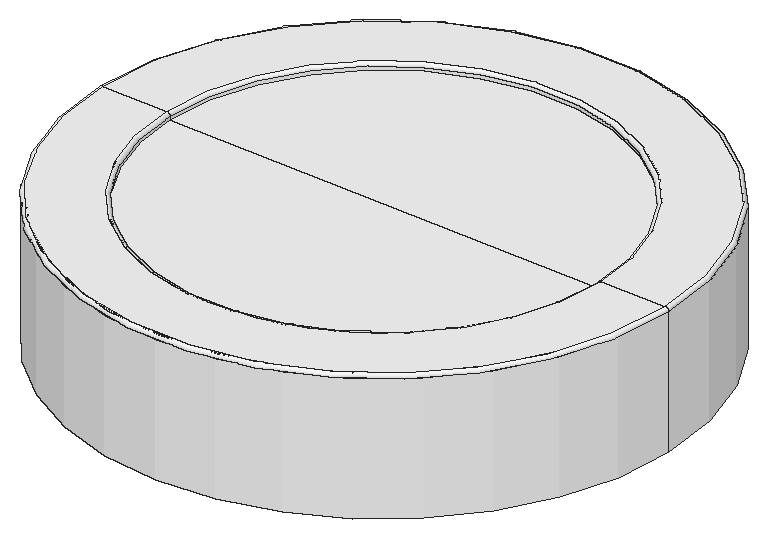
Revit family "0053903", category Lighting Fixtures, host Face, Revit 2016
Family settings
  Host = Face
  Part Type = Normal
  Round Connector Dimension = Use Diameter
  OmniClass Number = 23.80.70.00
  OmniClass Title = Lighting
  Cut with Voids When Loaded = No
  Light Source = Yes
  Shared = No
  Room Calculation Point = No
Parameters (values of type "0053903 ST eco Downlight Flat 172 1150lm 840 DIM S")
  Width_FEILO = 172 mm
  WidthDiffuser_FEILO = if(Square_FEILO, 168 mm, Width_FEILO / 1.3294)  # 129.381 mm
  Weight = "10.24 kg"
  Wattage Comments = ""
  Wattage = 13 W
  WarrantyStartDate [instance] = "n/a"
  WarrantyGuarantorParts = "n/a"
  WarrantyDurationUnit = "n/a"
  WarrantyDurationParts = "n/a"
  WarrantyDescription = "n/a"
  built-in parameter 1150110 = 1 (stored number, unit not read)
  Voltage = 230 V
  URL = "http://www.sylvania-lighting.com"
  TypeName = "ST eco Downlight Flat 172 1150lm 840 DIM S"
  Type Image = <None>
  Type Comments = "n/a"
  built-in parameter 1114217 = 1 (stored number, unit not read)
  Tilt Angle = -90.00°
  built-in parameter 1150109 = 1 (stored number, unit not read)
  built-in parameter 1150134 = 12
  built-in parameter 1150113 = 1 (stored number, unit not read)
  Square_FEILO = no
  SerialNumber [instance] = "n/a"
  Round_FEILO = not(Square_FEILO)  # yes
  RadiusSquare_FEILO = 10 mm
  RadiusDiffuser_FEILO = 7 mm
  Photometric Web File = "0053903.ies"
  Material_3_FEILO = none
  PowerFactor = 0.9
  PowerConsumption = "13 W"
  NominalLength = 172 mm
  NominalHeight = 39 mm
  NominalDepth = 172 mm
  Name = "ST eco Downlight Flat 172 1150lm 840 DIM S"
  ModelReference = Name  # "ST eco Downlight Flat 172 1150lm 840 DIM S"
  ModelNumber = "0053903"
  Model = Name  # "ST eco Downlight Flat 172 1150lm 840 DIM S"
  Material = "aluminium housing, polystyrene diffuser"
  ManufacturerName = "Feilo Sylvania"
  Manufacturer = "Feilo Sylvania"
  LuminousEfficacy = "88.46 lm/W"
  built-in parameter 1150105 = 91.514 (stored number, unit not read)
  Lumens = 1150 lm
  LuminaireType = ""
  built-in parameter 1150115 = 1 (stored number, unit not read)
  LightOutputRatio = "n/a"
  built-in parameter 1150137 = (empty or 0)
  built-in parameter 1150139 = (empty or 0)
  LampsType = Lamp  # "LED"
  LampNominalLuminous = "1150 lm"
  LampMacAdamStep = "n/a"
  LampColourTemperature = "4000 K"
  LampColourRenderingIndex = "80"
  built-in parameter 1150112 = 1 (stored number, unit not read)
  built-in parameter 1150114 = 1 (stored number, unit not read)
  Lamp = "LED"
  Keynote = "16500"
  InstallationDate [instance] = "n/a"
  InputVoltage = "220-240V~"
  InputNominalFrequency = "50/60 Hz"
  built-in parameter 1150132 = (empty or 0)
  built-in parameter 1150102 = (empty or 0)
  built-in parameter 1150107 = 4000 (stored number, unit not read)
  built-in parameter 1150138 = (empty or 0)
  IngressProtection = "IP20"
  ImpactProtectionIndex = "IK06"
  built-in parameter 1150106 = 0.91514 (stored number, unit not read)
  IfcExportType = "IfcLightFixtureType"
  IfcExportAs = "IfcLightFixtureType"
  ExpectedLife = 50000
  Emit from Circle Diameter = WidthDiffuser_FEILO  # 129.381 mm
  Emit Shape Visible in Rendering = no
  ElectricShockClassification = "Class II"
  built-in parameter 1150104 = 8.2183 (stored number, unit not read)
  DurationUnit = "hours"
  DocumentationLiterature = "http://www.sylvania-lighting.com/product/en-int/products/0053903"
  DimmingControlOptions = "Dimmable"
  Material_2_FEILO = LED-Sylvania-SylflatSurface
  Dimming Lamp Color Temperature Shift = <None>
  Description = "Integrated LED surface mounted downlight providing 1190 fixture lumens at a wattage of 13W giving a high efficacy of 92lm/W. Fitting includes Leading/Trailing edge phase dimmable driver and has a round outer dimmension of of 172x172x39mm with an IP20 and IK02 rating providing uniform distribution with an Opal diffuser and 110° beam angle. Provided including a Loop in Loop out box and built with a white aluminium housing."
  Default Elevation = 1219.2 mm
  CreatedOn = "2/15/2018"
  CreatedBy = "aron.fodor@feilosylvania.com"
  Cost = 0
  Color Filter = 16777215
  built-in parameter 1114216 [instance] = (empty or 0)
  ClassificationValue = "EF_70_80"
  ClassificationName = "Uniclass2015"
  Material_1_FEILO = Body-Sylvania-SylflatSurface-White
  BarCode [instance] = "n/a"
  built-in parameter 1114218 = 1 (stored number, unit not read)
  built-in parameter 1150133 = 10 (stored number, unit not read)
  AssetType = "Fixed"
  AssetIdentifier [instance] = "n/a"
  Assembly Code = "D5020200"
  Apparent Load = 13 VA
  Material_4_FEILO = none
Reference planes
  plane 1 "Center (Front/Back)": y = 0
  plane 2: z = 0
  plane 3 "Center (Left/Right)": x = 0
  plane 4: x = 86
  plane 5: x = -86
  plane 6: y = 86
  plane 7: y = -86
  plane 8: x = -76
  plane 9: y = 76
  plane 10: x = 76
  plane 11: y = -76
  plane 12: y = 64.69
  plane 13: y = -64.69
  plane 14: x = 64.69
  plane 15: x = -64.69
  plane 16: x = -57.69
  plane 17: y = 57.69
  plane 18: x = 57.69
  plane 19: y = -57.69
  plane 20: z = 39
  plane 21: x = -85
  plane 22: z = 38
  plane 23: z = 37
  plane 24: x = -65.69
Forms (mm)
  Revolve 1, solid, material "Body-Sylvania-SylflatSurface-White" <- "Material_1_FEILO", visible <- "Round_FEILO"
    sketch origin (0, 0, 0) x (1, 0, 0) y (0, 0, 1)
      loop
        line (0, 0) -> (0, 37) -> (-64.69, 37) -> (-64.69, 38)
        arc (-64.69, 38) -> (-64.983, 38.707) -> (-65.69, 39) r 1
        line (-65.69, 39) -> (-85, 39)
        arc (-85, 39) -> (-85.707, 38.707) -> (-86, 38) r 1
        line (-86, 38) -> (-86, 0) -> (0, 0)
      axis (0, 39) -> (0, 0)
    angle from 360 to 0
  Extrusion 2, solid, material "Body-Sylvania-SylflatSurface-White" <- "Material_1_FEILO", visible <- "Square_FEILO"
    sketch origin (0, 0, 0) x (1, 0, 0) y (0, 1, 0)
      loop
        arc (-86, -76) -> (-83.071, -83.071) -> (-76, -86) r 10
        line (-76, -86) -> (76, -86)
        arc (76, -86) -> (83.071, -83.071) -> (86, -76) r 10
        line (86, -76) -> (86, 76)
        arc (86, 76) -> (83.071, 83.071) -> (76, 86) r 10
        line (76, 86) -> (-76, 86)
        arc (-76, 86) -> (-83.071, 83.071) -> (-86, 76) r 10
        line (-86, 76) -> (-86, -76)
      loop
        arc (-57.69, 64.69) -> (-62.64, 62.64) -> (-64.69, 57.69) r 7
        line (-64.69, 57.69) -> (-64.69, -57.69)
        arc (-64.69, -57.69) -> (-62.64, -62.64) -> (-57.69, -64.69) r 7
        line (-57.69, -64.69) -> (57.69, -64.69)
        arc (57.69, -64.69) -> (62.64, -62.64) -> (64.69, -57.69) r 7
        line (64.69, -57.69) -> (64.69, 57.69)
        arc (64.69, 57.69) -> (62.64, 62.64) -> (57.69, 64.69) r 7
        line (57.69, 64.69) -> (-57.69, 64.69)
    from 0 to 39
  Extrusion 3, solid, material "Body-Sylvania-SylflatSurface-White" <- "Material_1_FEILO", visible <- "Square_FEILO"
    sketch origin (0, 0, 0) x (1, 0, 0) y (0, 1, 0)
      loop
        arc (-57.69, 64.69) -> (-62.64, 62.64) -> (-64.69, 57.69) r 7
        line (-64.69, 57.69) -> (-64.69, -57.69)
        arc (-64.69, -57.69) -> (-62.64, -62.64) -> (-57.69, -64.69) r 7
        line (-57.69, -64.69) -> (57.69, -64.69)
        arc (57.69, -64.69) -> (62.64, -62.64) -> (64.69, -57.69) r 7
        line (64.69, -57.69) -> (64.69, 57.69)
        arc (64.69, 57.69) -> (62.64, 62.64) -> (57.69, 64.69) r 7
        line (57.69, 64.69) -> (-57.69, 64.69)
    from 0 to 37
Cuts and joins
  joined: Extrusion 2, Extrusion 3
Dimensions and locks
  equal spacing: plane 5, plane 3 "Center (Left/Right)", plane 4
  equal spacing: plane 7, plane 1 "Center (Front/Back)", plane 6
  "Width_FEILO": plane 7 to plane 6
  "Width_FEILO": plane 5 to plane 4
  equal spacing: plane 11, plane 1 "Center (Front/Back)", plane 9
  "RadiusSquare_FEILO": plane 9 to plane 6
  equal spacing: plane 8, plane 3 "Center (Left/Right)", plane 10
  "RadiusSquare_FEILO": plane 5 to plane 8
  equal spacing: plane 15, plane 3 "Center (Left/Right)", plane 14
  equal spacing: plane 13, plane 1 "Center (Front/Back)", plane 12
  "WidthDiffuser_FEILO": plane 13 to plane 12
  "WidthDiffuser_FEILO": plane 15 to plane 14
  equal spacing: plane 16, plane 3 "Center (Left/Right)", plane 18
  equal spacing: plane 19, plane 1 "Center (Front/Back)", plane 17
  "RadiusDiffuser_FEILO": plane 17 to plane 12
  "RadiusDiffuser_FEILO": plane 15 to plane 16
  locked: plane 20 to plane 2 at 39
  locked: plane 20 to plane 22 at 1
  locked: plane 21 to plane 5 at 1
  locked: plane 20 to plane 23 at 2
  locked: plane 15 to plane 24 at 1
  aligned and locked: plane 2 to host face
  aligned and locked: level to host face
  aligned and locked: Revolve 1 sketch curve to plane 3 "Center (Left/Right)"
  aligned and locked: Revolve 1 sketch curve to Revolve 1 sketch curve
  aligned and locked: Revolve 1 sketch curve to plane 20
  aligned and locked: Revolve 1 sketch curve to plane 5
  aligned and locked: Revolve 1 sketch curve to level
  aligned and locked: plane 23 to Revolve 1 sketch curve
  aligned and locked: plane 21 to Revolve 1 sketch curve
  aligned and locked: plane 20 to Revolve 1 sketch curve
  aligned and locked: plane 22 to Revolve 1 sketch curve  (x2)
  aligned and locked: plane 15 to Revolve 1 sketch curve
  aligned and locked: plane 24 to Revolve 1 sketch curve
  aligned and locked: plane 11 to Extrusion 2 sketch curve  (x3)
  aligned and locked: plane 5 to Extrusion 2 sketch curve  (x2)
  aligned and locked: plane 8 to Extrusion 2 sketch curve  (x4)
  aligned and locked: plane 7 to Extrusion 2 sketch curve
  aligned and locked: plane 4 to Extrusion 2 sketch curve  (x2)
  aligned and locked: plane 10 to Extrusion 2 sketch curve  (x4)
  aligned and locked: Extrusion 2 sketch curve to plane 6
  aligned and locked: plane 9 to Extrusion 2 sketch curve  (x3)
  aligned and locked: Extrusion 2 to level
  aligned and locked: Extrusion 2 to plane 20
  aligned and locked: plane 16 to Extrusion 2 sketch curve  (x3)
  aligned and locked: plane 12 to Extrusion 2 sketch curve  (x2)
  aligned and locked: plane 14 to Extrusion 2 sketch curve
  aligned and locked: plane 15 to Extrusion 2 sketch curve
  aligned and locked: plane 18 to Extrusion 2 sketch curve  (x4)
  aligned and locked: plane 17 to Extrusion 2 sketch curve  (x4)
  aligned and locked: plane 19 to Extrusion 2 sketch curve  (x4)
  aligned and locked: plane 13 to Extrusion 2 sketch curve
  aligned and locked: Extrusion 3 sketch curve to Extrusion 2  (x4)
  aligned and locked: Extrusion 3 to level
  aligned and locked: Extrusion 3 to plane 23
  aligned and locked: plane 3 "Center (Left/Right)" to imposter light
  aligned and locked: imposter light to plane 1 "Center (Front/Back)"
  aligned and locked: imposter light to plane 23
Automatic sketch dimensions
  host sketch curve to host sketch curve = 2438.4 mm  (x2)
  Revolve 1 sketch curve to plane 3 "Center (Left/Right)" = 0 mm
  Revolve 1 sketch curve to level = 609.6 mm
  Revolve 1 sketch curve to plane 20 = 2570.058 mm
Connectors
  electrical at (0, 0, 0), driven by "Apparent Load", driven by "PowerFactor", driven by "Voltage"
    settings: index 1, voltage 230 V, apparent load 13 VA, apparent load phase1 0 VA, apparent load phase2 0 VA, apparent load phase3 0 VA, power factor 0.9, load classification "Lighting", number of poles 1, system type 30, power factor state 1, is connector primary yes, connector utility no, sub classification motor no, connector description ""
